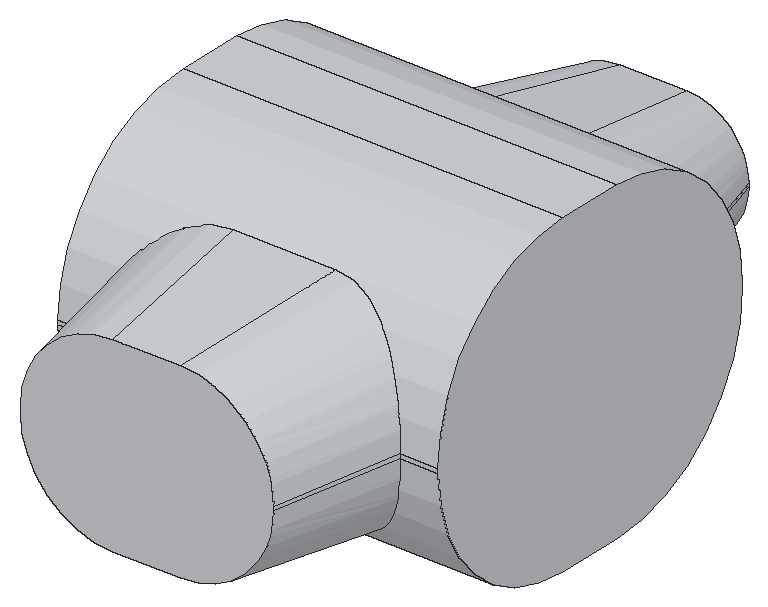
Revit family "46ff421410604d2088a57f107120c413", category Duct Fittings, Revit 2021
Family settings
  Round Connector Dimension = Use Diameter
  Part Type = Cross
  OmniClass Number = 23.75.70.14
  OmniClass Title = Air Ductwork
  Seek Item ID = Oval Cross - Conical-0000-USA-ENU
  Work Plane-Based = No
  Always vertical = Yes
  Cut with Voids When Loaded = No
  Shared = No
Parameters (values of type "Standard")
  Shoulder Length 4 [instance] = 4"
  Shoulder Length 3 [instance] = 4"
  Shoulder Length 1 [instance] = 2"
  Length 4 [instance] = Duct Width 1 / 2 + Shoulder Length 4  # 10"
  Length 3 [instance] = Duct Width 1 / 2 + Shoulder Length 3  # 10"
  Length 1 [instance] = if(Duct Width 3 > Duct Width 4, Duct Width 3 + Shoulder Length 1 * 2, Duct Width 4 + Shoulder Length 1 * 2)  # 12"
  Height [instance] = if(Duct Height 3 > Duct Height 4, Duct Height 3, Duct Height 4)  # 6"
  Default Elevation = 0' - 0"
  Base Width [instance] = Length 1  # 12"
  Base Height [instance] = if(Height < Duct Height 1, Height + 0' 2", Duct Height 1)  # 8"
  Duct Width 4 [instance] = 6"
  Duct Width 3 [instance] = 8"
  Duct Width 1 [instance] = 12"
  Duct Height 4 [instance] = 4"
  Duct Height 3 [instance] = 6"
  Duct Height 1 [instance] = 10"
Reference planes (in)
  plane 1 "Center (Front/Back)": y = 0
  plane 2: z = 0
  plane 3 "Center (Left/Right)": x = 0
Forms (in)
  Sweep 1, solid, detail levels medium+fine
    path in 3D
      loop
        line (-6, 0, 0) -> (6, 0, 0)
    profile "Duct - Oval : Duct - Oval 1" origin (0, 0, 0) x (0, 1, 0) y (0, 0, 1)
      loop
        line (-6, 0.0625) -> (-6, -0.0625)
        arc (-6, -0.0625) -> (-4.55384, -3.55384) -> (-1.0625, -5) r 4.9375
        line (-1.0625, -5) -> (1.0625, -5)
        arc (1.0625, -5) -> (4.55384, -3.55384) -> (6, -0.0625) r 4.9375
        line (6, -0.0625) -> (6, 0.0625)
        arc (6, 0.0625) -> (4.55384, 3.55384) -> (1.0625, 5) r 4.9375
        line (1.0625, 5) -> (-1.0625, 5)
        arc (-1.0625, 5) -> (-4.55384, 3.55384) -> (-6, 0.0625) r 4.9375
  SweptBlend 2, solid, detail levels medium+fine
    path in 3D
      loop
        line (0, 0, 0) -> (0, -10, 0)
    profile "Duct - Oval : Duct - Base" origin (0, 0, 0) x (1, 0, 0) y (0, 0, 1)
      loop
        line (-6, 0.0625) -> (-6, -0.0625)
        arc (-6, -0.0625) -> (-4.84673, -2.84673) -> (-2.0625, -4) r 3.9375
        line (-2.0625, -4) -> (2.0625, -4)
        arc (2.0625, -4) -> (4.84673, -2.84673) -> (6, -0.0625) r 3.9375
        line (6, -0.0625) -> (6, 0.0625)
        arc (6, 0.0625) -> (4.84673, 2.84673) -> (2.0625, 4) r 3.9375
        line (2.0625, 4) -> (-2.0625, 4)
        arc (-2.0625, 4) -> (-4.84673, 2.84673) -> (-6, 0.0625) r 3.9375
    end profile "Duct - Oval : Duct - Oval 3" origin (0, -10, 0) x (1, 0, 0) y (0, 0, 1)
      loop
        line (-4, 0.0625) -> (-4, -0.0625)
        arc (-4, -0.0625) -> (-3.13963, -2.13963) -> (-1.0625, -3) r 2.9375
        line (-1.0625, -3) -> (1.0625, -3)
        arc (1.0625, -3) -> (3.13963, -2.13963) -> (4, -0.0625) r 2.9375
        line (4, -0.0625) -> (4, 0.0625)
        arc (4, 0.0625) -> (3.13963, 2.13963) -> (1.0625, 3) r 2.9375
        line (1.0625, 3) -> (-1.0625, 3)
        arc (-1.0625, 3) -> (-3.13963, 2.13963) -> (-4, 0.0625) r 2.9375
  SweptBlend 3, solid, detail levels medium+fine
    path in 3D
      loop
        line (0, 0, 0) -> (0, 10, 0)
    profile "Duct - Oval : Duct - Base" origin (0, 0, 0) x (-1, 0, 0) y (0, 0, 1)
      loop
        line (-6, 0.0625) -> (-6, -0.0625)
        arc (-6, -0.0625) -> (-4.84673, -2.84673) -> (-2.0625, -4) r 3.9375
        line (-2.0625, -4) -> (2.0625, -4)
        arc (2.0625, -4) -> (4.84673, -2.84673) -> (6, -0.0625) r 3.9375
        line (6, -0.0625) -> (6, 0.0625)
        arc (6, 0.0625) -> (4.84673, 2.84673) -> (2.0625, 4) r 3.9375
        line (2.0625, 4) -> (-2.0625, 4)
        arc (-2.0625, 4) -> (-4.84673, 2.84673) -> (-6, 0.0625) r 3.9375
    end profile "Duct - Oval : Duct - Oval 4" origin (0, 10, 0) x (-1, 0, 0) y (0, 0, 1)
      loop
        line (-3, 0.0625) -> (-3, -0.0625)
        arc (-3, -0.0625) -> (-2.43252, -1.43252) -> (-1.0625, -2) r 1.9375
        line (-1.0625, -2) -> (1.0625, -2)
        arc (1.0625, -2) -> (2.43252, -1.43252) -> (3, -0.0625) r 1.9375
        line (3, -0.0625) -> (3, 0.0625)
        arc (3, 0.0625) -> (2.43252, 1.43252) -> (1.0625, 2) r 1.9375
        line (1.0625, 2) -> (-1.0625, 2)
        arc (-1.0625, 2) -> (-2.43252, 1.43252) -> (-3, 0.0625) r 1.9375
Cuts and joins
  joined: Sweep 1, SweptBlend 2, SweptBlend 3
Lines and regions (in)
  model lines, detail levels coarse
    curve 1: line (-6, 0, 0) -> (6, 0, 0)
    curve 2: line (0, 0, 0) -> (0, 10, 0)
    curve 3: line (0, 0, 0) -> (0, -10, 0)
  sketch lines
    curve 4: line (-6, 0, 0) -> (6, 0, 0)
    curve 5: line (0, 0, 0) -> (0, -10, 0)
    curve 6: line (0, 0, 0) -> (0, 10, 0)
Dimensions and locks (in)
  "Length 1": curve 1 to curve 1
  equal spacing: curve 1, plane 3 "Center (Left/Right)", curve 1
  "Length 4": curve 2 to curve 2
  "Length 3": curve 3 to curve 3
  aligned and locked: plane 3 "Center (Left/Right)" to curve 2
  aligned and locked: plane 1 "Center (Front/Back)" to curve 2
  aligned and locked: curve 3 to plane 3 "Center (Left/Right)"
Connectors (in)
  hvac at (-6, 0, 0), driven by "Duct Height 1", driven by "Duct Width 1"
    settings: on cut or joined group of Sweep 1, SweptBlend 2, SweptBlend 3, index 1, duct flow 0 CFM, flow factor 0, pres drop 0.00 in-wg, loss coef 0, conn angle 0.00°, conn width 12", conn height 10", conn diameter 24", duct sys type 28, conn prof type 2, flow config 0, flow direction 0, loss method 0, conn ref index 2, conn util no, is conn primary yes, conn desc ""
  hvac at (6, 0, 0), driven by "Duct Height 1", driven by "Duct Width 1"
    settings: on cut or joined group of Sweep 1, SweptBlend 2, SweptBlend 3, index 2, duct flow 0 CFM, flow factor 0, pres drop 0.00 in-wg, loss coef 0, conn angle 0.00°, conn width 12", conn height 10", conn diameter 24", duct sys type 28, conn prof type 2, flow config 0, flow direction 0, loss method 0, conn ref index 1, conn util no, is conn primary no, conn desc ""
  hvac at (0, -10, 0), driven by "Duct Height 3", driven by "Duct Width 3"
    settings: on cut or joined group of Sweep 1, SweptBlend 2, SweptBlend 3, index 3, duct flow 0 CFM, flow factor 0, pres drop 0.00 in-wg, loss coef 0, conn angle 0.00°, conn width 8", conn height 6", conn diameter 24", duct sys type 28, conn prof type 2, flow config 0, flow direction 0, loss method 0, conn ref index 4, conn util no, is conn primary no, conn desc ""
  hvac at (0, 10, 0), driven by "Duct Height 4", driven by "Duct Width 4"
    settings: on cut or joined group of Sweep 1, SweptBlend 2, SweptBlend 3, index 4, duct flow 0 CFM, flow factor 0, pres drop 0.00 in-wg, loss coef 0, conn angle 0.00°, conn width 6", conn height 4", conn diameter 24", duct sys type 28, conn prof type 2, flow config 0, flow direction 0, loss method 0, conn ref index 3, conn util no, is conn primary no, conn desc ""
